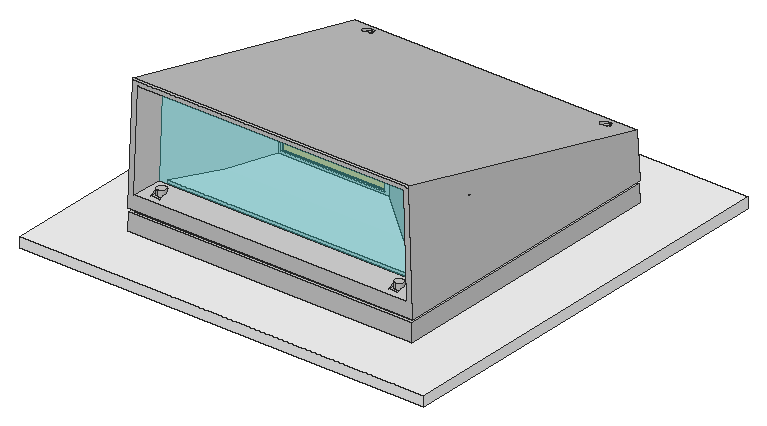
Revit family "BE_24219_de_DE", category Leuchten, Revit 2020
Family settings
  Basisbauteil = Fläche
  Bemaßung runder Anschluss = Durchmesser verwenden
  Teiletyp = Normal
  Beim Laden mit Abzugskörper schneiden = Ja
  Lichtquelle = Ja
  Gemeinsam genutzt = Nein
  Raumberechnungspunkt = Ja
Parameters (values of type "BEGA_24219_Silber_K4")
  built-in parameter 1150104 = 16.62 (stored number, unit not read)
  Wattage = 14.9 W
  Default Elevation = 0 mm
  built-in parameter 1150113 = 1 (stored number, unit not read)
  built-in parameter 1114218 = 1 (stored number, unit not read)
  Umgebungstemperatur = "25 °C"
  URL = "https://www.bega.com/de/produkt/24219"
  Typenkommentare = "© 2022 BEGA. Wir behalten uns das Recht vor, technische Änderungen ohne vorherige Ankündigung vorzunehmen."  # constant formula
  Type Image = 24219.png
  built-in parameter 1150134 = 12
  built-in parameter 1150109 = 1 (stored number, unit not read)
  Strom = ""
  built-in parameter 1150110 = 1 (stored number, unit not read)
  Spannung = 239.996 V
  Sonderanfertigung = no
  Seriennummer [instance] = "Hier können Sie die eindeutige Seriennummer für das Facility Management eintragen."
  Schutzklasse = "I"
  Schutzart = "IP 65"
  Scheinlast = 0 VA
  Produktdatenblatt = "https://cdn.bega.com/bega/products/24219AK4/current/documents/data-sheets/de"
  Oberflächentemperatur = ""
  Neigungswinkel = 0.00°
  Modell = "24219AK4"
  Material_18 = BEGA_Gummi_schwarz
  Material_17 = BEGA_Reflektor
  Material_15 = BEGA_Leuchtmedium_matt
  Material_11 = BEGA_Glas_opal
  Material_09 = BEGA_Glas_klar
  Material_06 = BEGA_Oberfläche_Edelstahl_gebürstet
  Material_03 = BEGA_Oberfläche_Weiss_matt
  Material_02 = BEGA_Oberfläche_Silber_matt
  Material_01 [instance] = BEGA_Oberfläche_Grafit_matt
  M_W = no
  M_G = no
  M_A = yes
  Logo = 0
  built-in parameter 1114217 = 1 (stored number, unit not read)
  built-in parameter 1150139 = (empty or 0)
  built-in parameter 1150105 = 212.12 (stored number, unit not read)
  built-in parameter 1150114 = 1 (stored number, unit not read)
  Lumens = 2665.61 lm
  built-in parameter 1150115 = 1 (stored number, unit not read)
  Leuchtenlichtstrom = "1811 lm"
  Leuchtenanzahl = ""
  Lebensdauerkriterien = "L70B50 @ 25 °C = 200000 h"
  Lastklassifizierung = Beleuchtung
  built-in parameter 1150112 = 1 (stored number, unit not read)
  Lampenlichtstrom = "2725 lm"
  Lampe = "LED 13.4 W"
  LED_Modulbezeichnung = "LED-0731/840"
  built-in parameter 1150142 = (empty or 0)
  Hersteller = "BEGA"  # constant formula
  Halbstreuwinkel = ""
  Gewicht = "3.7 kg"
  Gebrauchslageneinschränkung [instance] = ""
  Frequenz = "0/50-60 Hz"
  Farbwiedergabeindex = "CRI > 80"
  Farbtemperaturverschiebung bei Dämpfen der Lampe = <Keine Auswahl>
  Farbtemperatur = "4000 K"
  Color Filter = 16777215
  built-in parameter 1150133 = 10 (stored number, unit not read)
  Energieeffizienzklasse = "LED A++ - A"
  built-in parameter 1150137 = (empty or 0)
  built-in parameter 1150132 = (empty or 0)
  ENEC = "ja"
  Dimmbar [instance] = "on/off"
  Datei für fotometrisches Netz = "BE_24219K4.IES"
  CE_Konformität = "ja"
  Bestellnummer = "24219AK4"
  Beschreibung_Sonderanfertigung = "Hier können Sie Informationen zur Sonderanfertigung eintragen."
  Beschreibung = "Wandleuchte"
  built-in parameter 1150106 = 2.1212 (stored number, unit not read)
  Befestigungsbohrung = "Ø 5 mm"
  Befestigungsabstand = "240 mm"
  Ballwurfsicher = ""
  BEGA_Intern_aus = yes
  BEGA_Intern_an = yes
  BEGA_Intern_Konstruktion = yes
  BEGA_Intern = yes
  BEGA_IES = yes
  BEGA_Dummy = no
  Anschlussleitung = ""
  Anschlussleistung [instance] = "15.8 W"
  Anschlusskasten = ""
  built-in parameter 1150107 = 4000 (stored number, unit not read)
  built-in parameter 1150102 = (empty or 0)
  built-in parameter 1150138 = (empty or 0)
  Aktualisierung = "2022-05-18T04:00:07"
  Abstand_zur_angestrahlten_Fläche [instance] = ""
  AC/DC = "AC/DC"
Types (4, lengths in mm): name | built-in parameter 1150104 | built-in parameter 1150134 | Modell | M_G | M_A | built-in parameter 1150105 | Lumens | Leuchtenlichtstrom | Lampenlichtstrom | LED_Modulbezeichnung | Farbtemperatur | Datei für fotometrisches Netz | Bestellnummer | built-in parameter 1150106 | built-in parameter 1150107
  BEGA_24219_Grafit_K4 | 16.62 (stored number, unit not read) | 12 | "24219K4" | yes | no | 212.12 (stored number, unit not read) | 2665.61 lm | "1811 lm" | "2725 lm" | "LED-0731/840" | "4000 K" | "BE_24219K4.IES" | "24219K4" | 2.1212 (stored number, unit not read) | 4000 (stored number, unit not read)
  BEGA_24219_Silber_K4 | 16.62 (stored number, unit not read) | 12 | "24219AK4" | no | yes | 212.12 (stored number, unit not read) | 2665.61 lm | "1811 lm" | "2725 lm" | "LED-0731/840" | "4000 K" | "BE_24219K4.IES" | "24219AK4" | 2.1212 (stored number, unit not read) | 4000 (stored number, unit not read)
  BEGA_24219_Silber_K3 | 15.803 (stored number, unit not read) | (empty or 0) | "24219AK3" | no | yes | 201.69 (stored number, unit not read) | 2534.49 lm | "1762 lm" | "2650 lm" | "LED-0731/830" | "3000 K" | "BE_24219K3.IES" | "24219AK3" | 2.0169 (stored number, unit not read) | 3000 (stored number, unit not read)
  BEGA_24219_Grafit_K3 | 15.803 (stored number, unit not read) | (empty or 0) | "24219K3" | yes | no | 201.69 (stored number, unit not read) | 2534.49 lm | "1762 lm" | "2650 lm" | "LED-0731/830" | "3000 K" | "BE_24219K3.IES" | "24219K3" | 2.0169 (stored number, unit not read) | 3000 (stored number, unit not read)
Reference planes
  plane 1 "Mitte (Vorne/Hinten)": y = 0
  plane 2: z = 0
  plane 3 "Mitte (Links/Rechts)": x = 0
  plane 4 "Links": x = -140.69
  plane 5 "Rechts": x = 140.69
  plane 6 "Unten": y = -140.69
  plane 7 "Oben": y = 140.69
  plane 8 "Vorne": z = 136.287
  plane 9 "Hinten": z = 0
Forms (mm)
  Extrusion 1, solid, material "BEGA_Platte_Weiss"
    sketch origin (0, -1119.2, 0) x (1, 0, 0) y (0, 1, 0)
      loop
        line (-200, 1319.2) -> (-200, 919.2) -> (200, 919.2) -> (200, 1319.2) -> (-200, 1319.2)
    from 0 to -10
  Extrusion 2, solid, material "BEGA_Dummy_matt", visible <- "BEGA_Dummy"
    sketch origin (80.095, -76.023, 0) x (1, 0, 0) y (0, 1, 0)
      loop
        line (-220.785, 216.713) -> (-220.785, -64.667) -> (60.594, -64.667) -> (60.594, 216.713) -> (-220.785, 216.713)
    from 0 to 136.287
Dimensions and locks
  plane 1 "Mitte (Vorne/Hinten)" to Extrusion 1 = 200 mm
  aligned and locked: plane 2 to Extrusion 1
  aligned and locked: level to Extrusion 1
Nested families
  nested 1: "BE_24219" at (0, 0, 0) x (0, 1, 0) z (0, 0, 1), type "BE_24219"
Connectors
  electrical at (0, 0, 0), driven by "Lastklassifizierung", driven by "Spannung", driven by "Scheinlast"
    settings: index 1, voltage 239.996 V, apparent load 0 VA, apparent load phase1 0 VA, apparent load phase2 0 VA, apparent load phase3 0 VA, power factor 1, load classification "Beleuchtung", number of poles 1, system type 31, power factor state 1, is connector primary yes, connector utility no, sub classification motor no, connector description ""
Definition of nested family "BE_24219"
  Parameters (values of type "BE_24219")
    Default Elevation = 1 mm
    URL = "http://www.bega.de/de/produkt"
    Type Comments = "© 2015 BEGA. Wir behalten uns das Recht vor, technische Änderungen ohne vorherige Ankündigung vorzunehmen. "  # constant formula
    Type Image = (empty or 0)
    Material_18 = none
    Material_17 = none
    Material_15 = none
    Material_11 = none
    Material_09 = none
    Material_06 = none
    Material_03 = none
    Material_02 = none
    Material_01 = none
    M_W = yes
    M_G = yes
    M_A = yes
    Länge_Platte = 400 mm  # constant formula
    Höhe_Platte = -10 mm  # constant formula
    Manufacturer = "BEGA"  # constant formula
    Breite_Platte = 400 mm  # constant formula
  Reference planes
    plane 1 "Mitte (Oben/Unten)": y = 0
    plane 2: z = 0
    plane 3 "Mitte (Links/Rechts)": x = 0
    plane 4: x = -140.69
    plane 5: z = 136.287
    plane 6: x = 140.69
    plane 7: y = 140.69
    plane 8: y = -140.69
  Forms (mm)
    Extrusion 1, solid, detail levels medium
      sketch origin (0, 0, 0) x (1, 0, 0) y (0, 1, 0)
        loop
          line (-200, 200) -> (-200, -200) -> (200, -200) -> (200, 200) -> (-200, 200)
      from 0 to -10 <- "Höhe_Platte"
    Extrusion 2, solid, material <- "Material_01", visible <- "M_G", detail levels medium+fine
      sketch origin (0, 0, 0) x (1, 0, 0) y (0, 0, 1)
        loop
          line (-140, 20.076) -> (140, 20.076) -> (138.429, 65.076) -> (-138.751, 136.255)
          arc (-138.751, 136.255) -> (-139.613, 136.077) -> (-140, 135.287) r 1
          line (-140, 135.287) -> (-140, 20.076)
      from -140.75 to 140.75
    Sweep 3, solid, material <- "Material_01", visible <- "M_G", detail levels medium+fine
      path origin (0, 0, 0) x (1, 0, 0) y (0, 1, 0)
        loop
          line (140.69, -140.69) -> (140.69, 140.69) -> (-140.69, 140.69) -> (-140.69, -140.69) -> (140.69, -140.69)
      profile origin (140.69, 0, 0) x (-1, 0, 0) y (0, 0, 1)
        loop
          line (0, 0) -> (2.417, 0) -> (3.187, 11) -> (51.69, 11) -> (51.69, 13.8) -> (17.671, 13.8) -> (17.354, 22.894) -> (4.246, 22.894) -> (4.034, 16.8) -> (0.587, 16.8) -> (0, 0)
    Extrusion 4, void
      sketch origin (0, 0, 0) x (1, 0, 0) y (0, 1, 0)
        loop
          circle (30, 120) r 8.5
        loop
          circle (55.5, 120) r 8.5
        loop
          circle (0, 120) r 5
        loop
          circle (0, -120) r 5
      from 0 to 22.894
    Extrusion 5, void
      sketch origin (0, 0, 0) x (0, 1, 0) y (0, 0, 1)
        loop
          line (-141.388, 1.819) -> (-136.388, 145) -> (-141.388, 145) -> (-141.388, 1.819)
        loop
          line (141.388, 1.819) -> (141.388, 145) -> (136.388, 145) -> (141.388, 1.819)
      from -143.18 to 143.793
    Blend 6, void
      base sketch origin (0, 0, 0) x (0, 1, 0) y (0, 0, 1)
        loop
          line (123.277, 119.287) -> (-123.277, 119.287) -> (-126.001, 41.287) -> (126.001, 41.287) -> (123.277, 119.287)
      top sketch origin (0, 0, 0) x (0, 1, 0) y (0, 0, 1)
        loop
          line (131.828, 132.287) -> (-131.828, 132.287) -> (-135.286, 33.287) -> (135.286, 33.287) -> (131.828, 132.287)
      from -118.675 to -141.282
    Extrusion 7, void
      sketch origin (0, 0, 0) x (1, 0, 0) y (0, 0, 1)
        loop
          line (-120.033, 128.867) -> (-120.033, 16.8) -> (122.367, 16.8) -> (122.367, 66.62) -> (-120.033, 128.867)
      from -135.688 to 135.892
    Extrusion 8, solid, material <- "Material_01", visible <- "M_G", detail levels medium+fine
      sketch origin (0, 0, 0) x (1, 0, 0) y (0, 0, 1)
        loop
          line (-89, 13.8) -> (-89, 11) -> (89, 11) -> (89, 13.8) -> (-89, 13.8)
      from -89 to 89
    Extrusion 9, solid, material <- "Material_09", detail levels medium+fine
      sketch origin (0, 0, 0) x (1, 0, 0) y (0, 0, 1)
        loop
          line (-119.919, 36.9) -> (-115.445, 36.9) -> (-115.445, 126.9) -> (-119.919, 126.9) -> (-119.919, 36.9)
      from -128.291 to 128.295
    Extrusion 10, solid
      sketch origin (0, 0, 0) x (1, 0, 0) y (0, 0, 1)
        loop
          line (-113.048, 123.792) -> (-113.101, 120.792)
          arc (-113.101, 120.792) -> (-86.766, 109.661) -> (-62.554, 94.456) r 177.895
          line (-62.554, 94.456) -> (-62.554, 65.609)
          arc (-62.554, 65.609) -> (-86.766, 50.403) -> (-113.101, 39.273) r 177.895
          line (-113.101, 39.273) -> (-113.048, 36.273) -> (-112.229, 36.273) -> (-112.229, 38.704)
          arc (-112.229, 38.704) -> (-85.935, 49.901) -> (-61.772, 65.164) r 177.895
          line (-61.772, 65.164) -> (-61.772, 94.901)
          arc (-61.772, 94.901) -> (-85.935, 110.164) -> (-112.229, 121.36) r 177.895
          line (-112.229, 121.36) -> (-112.229, 123.792) -> (-113.048, 123.792)
      from -135.688 to 135.892
    Extrusion 11, solid
      sketch origin (0, 0, 0) x (1, 0, 0) y (0, 1, 0)
        loop
          line (-60.25, -51.437) -> (-117.777, -130.437) -> (-117.154, -131.06) -> (-60.25, -52.915) -> (-60.25, -51.437)
        loop
          line (-60.25, 51.437) -> (-60.25, 52.915) -> (-117.154, 131.06) -> (-117.777, 130.437) -> (-60.25, 51.437)
      from 33.741 to 122.182
    Extrusion 12, void
      sketch origin (0, 0, 0) x (1, 0, 0) y (0, 0, 1)
        loop
          line (-110.905, 123.699) -> (-59.697, 96.471) -> (-59.697, 123.699) -> (-110.905, 123.699)
      from -104.078 to 106.602
    Extrusion 13, void
      sketch origin (0, 0, 0) x (1, 0, 0) y (0, 1, 0)
        loop
          line (-56.776, 51.437) -> (-65.494, 51.437) -> (-65.494, -51.437) -> (-56.776, -51.437) -> (-56.776, 51.437)
      from 68.287 to 91.919
    Extrusion 14, solid, material <- "Material_15", detail levels medium+fine
      sketch origin (0, 0, 0) x (1, 0, 0) y (0, 1, 0)
        loop
          line (-61.568, -50.102) -> (-60.485, -50.102) -> (-60.485, 50) -> (-61.568, 50) -> (-61.568, -50.102)
      from 69.509 to 90.812
    Extrusion 15, void
      sketch origin (0, 0, 0) x (1, 0, 0) y (0, 1, 0)
        loop
          arc (-127.853, 112.851) -> (-123.204, 117.5) -> (-127.853, 122.149) r 4.649
          line (-127.853, 122.149) -> (-141.936, 122.149) -> (-141.936, 112.851) -> (-127.853, 112.851)
        loop
          line (-127.853, -112.851) -> (-141.936, -112.851) -> (-141.936, -122.149) -> (-127.853, -122.149)
          arc (-127.853, -122.149) -> (-123.204, -117.5) -> (-127.853, -112.851) r 4.649
      from 35.372 to 44.744
    Extrusion 16, solid, material <- "Material_06", detail levels fine
      sketch origin (0, 0, 0) x (1, 0, 0) y (0, 1, 0)
        loop
          circle (-127.831, -117.5) r 4.25
        loop
          circle (-127.831, 117.5) r 4.25
      from 35.372 to 40.369
    Revolve 17, void
      sketch origin (0, 117.5, 0) x (1, 0, 0) y (0, 0, 1)
        loop
          line (122.883, 69.651) -> (123.2, 60.576) -> (127.8, 60.576) -> (127.8, 68.388) -> (122.883, 69.651)
        axis (127.8, 69.651) -> (127.8, 60.576)
      angle from 0 to 360
    Revolve 18, void
      sketch origin (0, -117.5, 0) x (1, 0, 0) y (0, 0, -1)
        loop
          line (122.883, -69.651) -> (127.8, -68.388) -> (127.8, -60.576) -> (123.2, -60.576) -> (122.883, -69.651)
        axis (127.8, -69.651) -> (127.8, -60.576)
      angle from 0 to 360
    Extrusion 19, solid, material <- "Material_06", detail levels fine
      sketch origin (0, 0, 0) x (1, 0, 0) y (0, 1, 0)
        loop
          circle (127.8, 117.5) r 4.25
        loop
          circle (127.8, -117.5) r 4.25
      from 60.576 to 65.576
    Sweep 20, solid, material <- "Material_02", visible <- "M_A", detail levels medium+fine
      path origin (0, 0, 0) x (1, 0, 0) y (0, 1, 0)
        loop
          line (140.69, -140.69) -> (140.69, 140.69) -> (-140.69, 140.69) -> (-140.69, -140.69) -> (140.69, -140.69)
      profile origin (140.69, 0, 0) x (-1, 0, 0) y (0, 0, 1)
        loop
          line (0, 0) -> (2.417, 0) -> (3.187, 11) -> (51.69, 11) -> (51.69, 13.8) -> (17.671, 13.8) -> (17.354, 22.894) -> (4.246, 22.894) -> (4.034, 16.8) -> (0.587, 16.8) -> (0, 0)
    Extrusion 21, solid, material <- "Material_02", visible <- "M_A", detail levels medium+fine
      sketch origin (0, 0, 0) x (1, 0, 0) y (0, 0, 1)
        loop
          line (-89, 13.8) -> (-89, 11) -> (89, 11) -> (89, 13.8) -> (-89, 13.8)
      from -89 to 89
    Extrusion 22, solid, material <- "Material_02", visible <- "M_A", detail levels medium+fine
      sketch origin (0, 0, 0) x (1, 0, 0) y (0, 0, 1)
        loop
          line (-140, 20.076) -> (140, 20.076) -> (138.429, 65.076) -> (-138.751, 136.255)
          arc (-138.751, 136.255) -> (-139.613, 136.077) -> (-140, 135.287) r 1
          line (-140, 135.287) -> (-140, 20.076)
      from -140.75 to 140.75
  Cuts and joins
    Extrusion 4, Extrusion 5, Blend 6, Extrusion 7, Extrusion 13, Extrusion 15, Revolve 17, Revolve 18 cuts Extrusion 2
    Extrusion 4, Extrusion 7, Extrusion 13, Extrusion 15 cuts Sweep 3
    Extrusion 13, Extrusion 15 cuts Extrusion 8
    joined: Sweep 3, Extrusion 8
    Extrusion 12, Extrusion 13 cuts Extrusion 10
    Extrusion 12, Extrusion 13 cuts Extrusion 11
    joined: Extrusion 10, Extrusion 11
    Extrusion 4 cuts Sweep 20
    Extrusion 4 cuts Extrusion 21
    joined: Sweep 20, Extrusion 21
    Extrusion 5, Blend 6, Extrusion 7, Extrusion 15, Revolve 17, Revolve 18 cuts Extrusion 22
  Dimensions and locks
    equal spacing: Extrusion 1 sketch curve, plane 3 "Mitte (Links/Rechts)", Extrusion 1 sketch curve
    equal spacing: Extrusion 1 sketch curve, plane 1 "Mitte (Oben/Unten)", Extrusion 1 sketch curve
    "Länge_Platte": Extrusion 1 sketch curve to Extrusion 1 sketch curve
    "Breite_Platte": Extrusion 1 sketch curve to Extrusion 1 sketch curve
    aligned and locked: Extrusion 1 to plane 2
    aligned and locked: level to Extrusion 1
  Automatic sketch dimensions
    level to Extrusion 2 sketch curve = 20.076 mm
    Extrusion 2 sketch curve to plane 3 "Mitte (Links/Rechts)" = 140 mm
    Extrusion 2 sketch curve to Extrusion 2 sketch curve = 1 mm
    level to Extrusion 2 sketch curve = 65.076 mm
    plane 3 "Mitte (Links/Rechts)" to Extrusion 2 sketch curve = 138.429 mm
    Extrusion 2 sketch curve to Extrusion 2 sketch curve = 1.571 mm
    Extrusion 2 sketch curve to Extrusion 2 sketch curve = 115.211 mm
    Extrusion 2 sketch curve to Extrusion 2 sketch curve = 0.249 mm
    Extrusion 2 sketch curve to Extrusion 2 sketch curve = 0 mm  (x2)
    Sweep 3 sketch curve to plane 3 "Mitte (Links/Rechts)" = 140.69 mm
    plane 3 "Mitte (Links/Rechts)" to Sweep 3 sketch curve = 140.69 mm
    plane 1 "Mitte (Oben/Unten)" to Sweep 3 sketch curve = 140.69 mm
    Sweep 3 sketch curve to plane 1 "Mitte (Oben/Unten)" = 140.69 mm
    Sweep 3 sketch curve to level = 0 mm
    Sweep 3 sketch curve to profile plane = 0 mm
    Sweep 3 sketch curve to profile plane = 0.587 mm
    Sweep 3 sketch curve to profile plane = 2.417 mm
    Sweep 3 sketch curve to profile plane = 3.187 mm
    Sweep 3 sketch curve to Sweep 3 sketch curve = 3.447 mm
    Sweep 3 sketch curve to profile plane = 4.246 mm
    Sweep 3 sketch curve to Sweep 3 sketch curve = 13.107 mm
    Sweep 3 sketch curve to Sweep 3 sketch curve = 0.317 mm
    level to Sweep 3 sketch curve = 11 mm
    Sweep 3 sketch curve to Sweep 3 sketch curve = 34.019 mm
    Sweep 3 sketch curve to Sweep 3 sketch curve = 2.8 mm
    Sweep 3 sketch curve to Sweep 3 sketch curve = 5.8 mm
    Sweep 3 sketch curve to Sweep 3 sketch curve = 6.094 mm
    Extrusion 4 sketch curve to plane 3 "Mitte (Links/Rechts)" = 0 mm  (x2)
    Extrusion 4 sketch curve to Extrusion 4 sketch curve = 30 mm
    Extrusion 4 sketch curve to Extrusion 4 sketch curve = 25.5 mm
    plane 1 "Mitte (Oben/Unten)" to Extrusion 4 sketch curve = 120 mm
    Extrusion 4 sketch curve to plane 1 "Mitte (Oben/Unten)" = 120 mm
    Extrusion 4 sketch curve to Extrusion 4 sketch curve = 0 mm  (x2)
    level to Extrusion 5 sketch curve = 1.819 mm  (x2)
    plane 1 "Mitte (Oben/Unten)" to Extrusion 5 sketch curve = 141.388 mm
    Extrusion 5 sketch curve to Extrusion 5 sketch curve = 5 mm
    Extrusion 5 sketch curve to plane 1 "Mitte (Oben/Unten)" = 136.388 mm
    Extrusion 5 sketch curve to plane 1 "Mitte (Oben/Unten)" = 141.388 mm
    Extrusion 5 sketch curve to Extrusion 5 sketch curve = 143.181 mm  (x2)
    level to Blend 6 sketch curve = 41.287 mm
    plane 1 "Mitte (Oben/Unten)" to Blend 6 sketch curve = 126.001 mm
    Blend 6 sketch curve to Blend 6 sketch curve = 2.724 mm  (x2)
    Blend 6 sketch curve to plane 1 "Mitte (Oben/Unten)" = 123.277 mm
    Blend 6 sketch curve to Blend 6 sketch curve = 78 mm
    level to Blend 6 sketch curve = 33.287 mm
    plane 1 "Mitte (Oben/Unten)" to Blend 6 sketch curve = 135.286 mm
    Blend 6 sketch curve to Blend 6 sketch curve = 3.457 mm  (x2)
    Blend 6 sketch curve to plane 1 "Mitte (Oben/Unten)" = 131.828 mm
    Blend 6 sketch curve to Blend 6 sketch curve = 99 mm
    level to Extrusion 7 sketch curve = 16.8 mm
    Extrusion 7 sketch curve to plane 3 "Mitte (Links/Rechts)" = 120.033 mm
    plane 3 "Mitte (Links/Rechts)" to Extrusion 7 sketch curve = 122.367 mm
    Extrusion 7 sketch curve to Extrusion 7 sketch curve = 49.82 mm
    Extrusion 7 sketch curve to Extrusion 7 sketch curve = 112.067 mm
    level to Extrusion 8 sketch curve = 11 mm
    Extrusion 8 sketch curve to plane 3 "Mitte (Links/Rechts)" = 89 mm
    plane 3 "Mitte (Links/Rechts)" to Extrusion 8 sketch curve = 89 mm
    Extrusion 8 sketch curve to Extrusion 8 sketch curve = 2.8 mm
    Extrusion 9 sketch curve to plane 3 "Mitte (Links/Rechts)" = 119.919 mm
    Extrusion 9 sketch curve to Extrusion 9 sketch curve = 4.474 mm
    level to Extrusion 9 sketch curve = 36.9 mm
    Extrusion 9 sketch curve to Extrusion 9 sketch curve = 90 mm
    Extrusion 10 sketch curve to plane 3 "Mitte (Links/Rechts)" = 168.967 mm  (x2)
    Extrusion 10 sketch curve to level = 48.103 mm
    Extrusion 10 sketch curve to Extrusion 10 sketch curve = 0.416 mm  (x2)
    Extrusion 10 sketch curve to Extrusion 10 sketch curve = 55.45 mm
    level to Extrusion 10 sketch curve = 39.273 mm
    Extrusion 10 sketch curve to Extrusion 10 sketch curve = 0 mm
    Extrusion 10 sketch curve to Extrusion 10 sketch curve = 0.052 mm  (x2)
    level to Extrusion 10 sketch curve = 36.273 mm
    Extrusion 10 sketch curve to Extrusion 10 sketch curve = 0.819 mm
    Extrusion 10 sketch curve to Extrusion 10 sketch curve = 0.871 mm
    Extrusion 10 sketch curve to Extrusion 10 sketch curve = 49.675 mm
    Extrusion 10 sketch curve to Extrusion 10 sketch curve = 0.782 mm
    Extrusion 10 sketch curve to Extrusion 10 sketch curve = 0.72 mm
    Extrusion 10 sketch curve to Extrusion 10 sketch curve = 0.569 mm
    Extrusion 10 sketch curve to Extrusion 10 sketch curve = 26.459 mm
    Extrusion 10 sketch curve to Extrusion 10 sketch curve = 0.446 mm  (x2)
    Extrusion 10 sketch curve to Extrusion 10 sketch curve = 28.847 mm
    Extrusion 10 sketch curve to Extrusion 10 sketch curve = 2.431 mm
    Extrusion 11 sketch curve to plane 3 "Mitte (Links/Rechts)" = 117.777 mm  (x2)
    Extrusion 11 sketch curve to Extrusion 11 sketch curve = 0.623 mm  (x4)
    Extrusion 11 sketch curve to plane 3 "Mitte (Links/Rechts)" = 60.25 mm  (x2)
    plane 1 "Mitte (Oben/Unten)" to Extrusion 11 sketch curve = 131.06 mm
    plane 1 "Mitte (Oben/Unten)" to Extrusion 11 sketch curve = 52.915 mm
    Extrusion 11 sketch curve to Extrusion 11 sketch curve = 1.479 mm  (x2)
    Extrusion 11 sketch curve to plane 1 "Mitte (Oben/Unten)" = 51.437 mm
    Extrusion 11 sketch curve to Extrusion 11 sketch curve = 77.521 mm
    Extrusion 12 sketch curve to plane 3 "Mitte (Links/Rechts)" = 110.905 mm
    Extrusion 12 sketch curve to Extrusion 12 sketch curve = 51.208 mm
    level to Extrusion 12 sketch curve = 96.471 mm
    Extrusion 12 sketch curve to Extrusion 12 sketch curve = 27.228 mm
    Extrusion 13 sketch curve to plane 3 "Mitte (Links/Rechts)" = 65.494 mm
    Extrusion 13 sketch curve to Extrusion 13 sketch curve = 8.718 mm
    plane 1 "Mitte (Oben/Unten)" to Extrusion 13 sketch curve = 51.437 mm
    Extrusion 13 sketch curve to plane 1 "Mitte (Oben/Unten)" = 51.437 mm
    Extrusion 14 sketch curve to plane 3 "Mitte (Links/Rechts)" = 61.568 mm
    Extrusion 14 sketch curve to Extrusion 14 sketch curve = 1.083 mm
    plane 1 "Mitte (Oben/Unten)" to Extrusion 14 sketch curve = 50.102 mm
    Extrusion 14 sketch curve to plane 1 "Mitte (Oben/Unten)" = 50 mm
    Extrusion 15 sketch curve to plane 3 "Mitte (Links/Rechts)" = 141.936 mm  (x2)
    Extrusion 15 sketch curve to Extrusion 15 sketch curve = 14.083 mm  (x2)
    plane 1 "Mitte (Oben/Unten)" to Extrusion 15 sketch curve = 122.149 mm
    Extrusion 15 sketch curve to Extrusion 15 sketch curve = 4.649 mm  (x2)
    Extrusion 15 sketch curve to plane 1 "Mitte (Oben/Unten)" = 112.851 mm
    Extrusion 15 sketch curve to Extrusion 15 sketch curve = 0 mm
    Extrusion 16 sketch curve to plane 3 "Mitte (Links/Rechts)" = 127.831 mm  (x2)
    plane 1 "Mitte (Oben/Unten)" to Extrusion 16 sketch curve = 117.5 mm
    Extrusion 16 sketch curve to plane 1 "Mitte (Oben/Unten)" = 117.5 mm
    plane 3 "Mitte (Links/Rechts)" to Revolve 17 sketch curve = 122.883 mm
    level to Revolve 17 sketch curve = 60.576 mm
    Revolve 17 sketch curve to Revolve 17 sketch curve = 0.317 mm
    Revolve 17 sketch curve to Revolve 17 sketch curve = 4.917 mm
    Revolve 17 sketch curve to Revolve 17 sketch curve = 7.812 mm
    Revolve 17 sketch curve to Revolve 17 sketch curve = 1.263 mm
    Revolve 17 sketch curve to Revolve 17 sketch curve = 0 mm  (x3)
    plane 3 "Mitte (Links/Rechts)" to Revolve 18 sketch curve = 122.883 mm
    level to Revolve 18 sketch curve = 60.576 mm
    Revolve 18 sketch curve to Revolve 18 sketch curve = 0.317 mm
    Revolve 18 sketch curve to Revolve 18 sketch curve = 4.917 mm
    Revolve 18 sketch curve to Revolve 18 sketch curve = 7.812 mm
    Revolve 18 sketch curve to Revolve 18 sketch curve = 1.263 mm
    Revolve 18 sketch curve to Revolve 18 sketch curve = 0 mm  (x3)
    plane 3 "Mitte (Links/Rechts)" to Extrusion 19 sketch curve = 127.8 mm  (x2)
    plane 1 "Mitte (Oben/Unten)" to Extrusion 19 sketch curve = 117.5 mm
    Extrusion 19 sketch curve to plane 1 "Mitte (Oben/Unten)" = 117.5 mm
    Sweep 20 sketch curve to plane 3 "Mitte (Links/Rechts)" = 140.69 mm
    plane 3 "Mitte (Links/Rechts)" to Sweep 20 sketch curve = 140.69 mm
    plane 1 "Mitte (Oben/Unten)" to Sweep 20 sketch curve = 140.69 mm
    Sweep 20 sketch curve to plane 1 "Mitte (Oben/Unten)" = 140.69 mm
    Sweep 20 sketch curve to level = 0 mm
    Sweep 20 sketch curve to profile plane = 0 mm
    Sweep 20 sketch curve to profile plane = 0.587 mm
    Sweep 20 sketch curve to profile plane = 2.417 mm
    Sweep 20 sketch curve to profile plane = 3.187 mm
    Sweep 20 sketch curve to Sweep 20 sketch curve = 3.447 mm
    Sweep 20 sketch curve to profile plane = 4.246 mm
    Sweep 20 sketch curve to Sweep 20 sketch curve = 13.107 mm
    Sweep 20 sketch curve to Sweep 20 sketch curve = 0.317 mm
    level to Sweep 20 sketch curve = 11 mm
    Sweep 20 sketch curve to Sweep 20 sketch curve = 34.019 mm
    Sweep 20 sketch curve to Sweep 20 sketch curve = 2.8 mm
    Sweep 20 sketch curve to Sweep 20 sketch curve = 5.8 mm
    Sweep 20 sketch curve to Sweep 20 sketch curve = 6.094 mm
    level to Extrusion 21 sketch curve = 11 mm
    Extrusion 21 sketch curve to plane 3 "Mitte (Links/Rechts)" = 89 mm
    plane 3 "Mitte (Links/Rechts)" to Extrusion 21 sketch curve = 89 mm
    Extrusion 21 sketch curve to Extrusion 21 sketch curve = 2.8 mm
    level to Extrusion 22 sketch curve = 20.076 mm
    Extrusion 22 sketch curve to plane 3 "Mitte (Links/Rechts)" = 140 mm
    Extrusion 22 sketch curve to Extrusion 22 sketch curve = 1 mm
    level to Extrusion 22 sketch curve = 65.076 mm
    plane 3 "Mitte (Links/Rechts)" to Extrusion 22 sketch curve = 138.429 mm
    Extrusion 22 sketch curve to Extrusion 22 sketch curve = 1.571 mm
    Extrusion 22 sketch curve to Extrusion 22 sketch curve = 115.211 mm
    Extrusion 22 sketch curve to Extrusion 22 sketch curve = 0.249 mm
    Extrusion 22 sketch curve to Extrusion 22 sketch curve = 0 mm  (x2)
    radius of Extrusion 4 sketch curve = 8.5 mm  (x2)
    radius of Extrusion 4 sketch curve = 5 mm  (x2)
    radius of Extrusion 16 sketch curve = 4.25 mm  (x2)
    radius of Extrusion 19 sketch curve = 4.25 mm  (x2)
